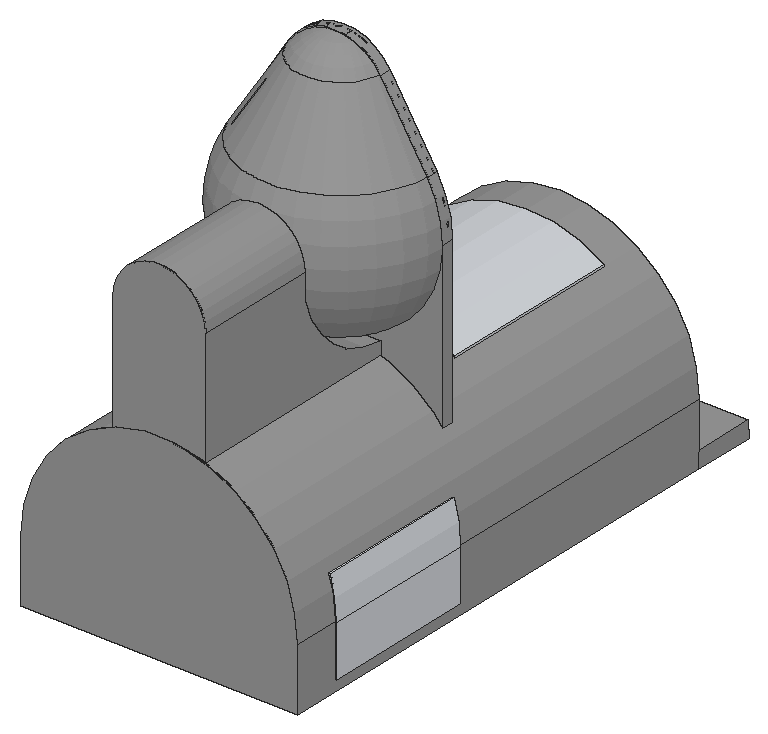
Revit family "Combination-Willoughby-ECW-1806-FA-C-ON", category Plumbing Fixtures, Revit 2015
Parameters (values of type "Standard")
  Waste DIA = 2 3/8"
  Waste Connection = yes
  W-RAD [instance] = Waste DIA / 2  # 0' - 1 3/16"
  Vent Connection = no
  URL = "https://www.willoughby-ind.com/wp-content/uploads/2018/04/1806-FA.pdf"
  Revision = "A"
  Model = "ECW-1806-FA-C-ON"
  Manufacturer = "Willoughby Industries"
  Lav Waste DIA = 1 1/2"
  Lav Waste Connection = yes
  L-RAD [instance] = Lav Waste DIA / 2  # 0' - 0 3/4"
  HW Connection = no
  Flush inlet DIA = 1 1/2"
  Flush Inlet Connection = yes
  Fixture Body = Stainless Steel AISI 304-Willoughby
  F-RAD [instance] = Flush inlet DIA / 2  # 0' - 0 3/4"
  Description = "1806 Front Access Combination Unit, Wall toilet waste outlet, Center toilet, On Floor mounted"
  Default Elevation = 0' - 0"
  Contact Number = "(800) 428-4065"
  CW Connection = no
Reference planes (in)
  plane 1 "Center (Front/Back)": y = -16.25
  plane 2: z = 0
  plane 3 "Center (Left/Right)": x = 0
  plane 4 "Base": y = -16.25
  plane 5 "Rim hight": y = -1.5
  plane 6 "Seat height": y = -1.25
  plane 7: y = 20.25
  plane 8 "Waste offset": x = 0
  plane 9 "Waste Hieght": y = -4.75
  plane 10 "Lwaste ht": y = 8
  plane 11 "flush inlet HT": y = 4.25
  plane 12 "Left Sweep": through (12.20051, 0, 16.45051) normal (0.7071, 0, -0.7071)
  plane 13 "Right Sweep": through (-12.20051, 0, 16.45051) normal (0.7071, 0, 0.7071)
  plane 14: through (-55.90549, 0, 60.15549) normal (-0.7071, 0, -0.7071)
  plane 15: x = 6.375
  plane 16: x = 9
  plane 17: z = 4.25
Forms (in)
  Extrusion 1, solid, material "Stainless Steel AISI 304-Willoughby" <- "Fixture Body"
    sketch origin (0, 10.5, -0.375) x (1, 0, 0) y (0, 0, 1)
      loop
        line (6.0079, 24.25317) -> (2.96593, 29.1083)
        arc (2.96593, 29.1083) -> (0, 30.75) -> (-2.96593, 29.1083) r 3.5
        line (-2.96593, 29.1083) -> (-6.0079, 24.25317)
        arc (-6.0079, 24.25317) -> (-6.74742, 22.52422) -> (-7, 20.6608) r 7
        line (-7, 20.6608) -> (-7, 10.11119)
        arc (-7, 10.11119) -> (0.01742, 13.41876) -> (7, 10.03826) r 8.99862
        line (7, 10.03826) -> (7, 20.6608)
        arc (7, 20.6608) -> (6.74742, 22.52422) -> (6.0079, 24.25317) r 7
      loop
        line (4.24214, 22.50332) -> (1.839, 28.03617)
        arc (1.839, 28.03617) -> (0, 29.25) -> (-1.839, 28.03617) r 2
        line (-1.839, 28.03617) -> (-4.24214, 22.50332)
        arc (-4.24214, 22.50332) -> (0, 16.0358) -> (4.24214, 22.50332) r 4.625
    from 11.75 to 12.5
  Revolve 2, solid, material "Stainless Steel AISI 304-Willoughby" <- "Fixture Body"
    sketch origin (0, -1.5, -0.375) x (1, 0, 0) y (0, 0, 1)
      loop
        arc (0, 13.6608) -> (6.08879, 17.20729) -> (6.0079, 24.25317) r 7
        line (6.0079, 24.25317) -> (2.96593, 29.1083)
        arc (2.96593, 29.1083) -> (1.69499, 30.31219) -> (0, 30.75) r 3.5
        line (0, 30.75) -> (0, 30.5)
        arc (0, 30.5) -> (1.57353, 30.09368) -> (2.75361, 28.97631) r 3.25
        line (2.75361, 28.97631) -> (5.71903, 24.24621)
        arc (5.71903, 24.24621) -> (5.9061, 17.39269) -> (0, 13.9108) r 6.75
        line (0, 13.9108) -> (0, 13.6608)
      axis (0, 13.6608) -> (0, 30.75)
    angle from 0 to -180
  Extrusion 3, solid, material "Stainless Steel AISI 304-Willoughby" <- "Fixture Body"
    sketch origin (0, -16.25, 0) x (1, 0, 0) y (0, 0, 1)
      loop
        line (9, 0) -> (9, 1.0625) -> (-9, 1.0625) -> (-9, 0) -> (9, 0)
    from -36.5 to -32.5
  Extrusion 4, solid, material "Stainless Steel AISI 304-Willoughby" <- "Fixture Body"
    sketch origin (0, 0, 0) x (1, 0, 0) y (0, 1, 0)
      loop
        circle (0, 8) r 0.75
    from 0 to 1
  Extrusion 5, solid, material "Stainless Steel AISI 304-Willoughby" <- "Fixture Body", detail levels fine
    sketch origin (0, 0, 0) x (1, 0, 0) y (0, 1, 0)
      loop
        circle (6.375, 4.25) r 0.75
    from 0 to 1
  Extrusion 6, solid, material "Stainless Steel AISI 304-Willoughby" <- "Fixture Body"
    sketch origin (-77.55739, -16.25, -24.30859) x (1, 0, 0) y (0, 0, 1)
      loop
        line (86.55739, 24.30859) -> (86.55739, 28.33218)
        arc (86.55739, 28.33218) -> (77.55739, 37.33218) -> (68.55739, 28.33218) r 9
        line (68.55739, 28.33218) -> (68.55739, 24.30859) -> (86.55739, 24.30859)
    from -32.5 to 0
  Revolve 7, void
    sketch origin (-0.04219, 16.25, -0.04963) x (1, 0, 0) y (0, 0, 1)
      loop
        spline (6.44903, 7.42683) -> (6.2318, 8.59152) -> (5.59494, 9.67683) -> (4.58183, 10.60881) -> (3.26153, 11.32395) -> (1.724, 11.7735) -> (0.07403, 11.92683) -> (-1.57595, 11.7735) -> (-3.11347, 11.32395) -> (-4.43378, 10.60881) -> (-5.44689, 9.67683) -> (-6.08375, 8.59152) -> (-6.30097, 7.42683)
        line (-6.30097, 7.42683) -> (6.44903, 7.42683)
      axis (6.44903, 7.42683) -> (-6.30097, 7.42683)
    angle from 0 to -180
  Extrusion 8, solid, material "Stainless Steel AISI 304-Willoughby" <- "Fixture Body"
    sketch origin (-22.09287, -16.25, -29.80277) x (1, 0, 0) y (0, 0, 1)
      loop
        arc (25.09287, 49.81164) -> (22.09287, 52.81164) -> (19.09287, 49.81164) r 3
        line (19.09287, 49.81164) -> (19.09287, 42.31164) -> (25.09287, 42.31164) -> (25.09287, 49.81164)
    from 0 to -8.02482
  Extrusion 9, solid, material "Stainless Steel AISI 304-Willoughby" <- "Fixture Body"
    sketch origin (0, 0, -0.375) x (0, 1, 0) y (0, 0, 1)
      loop
        line (-8.22518, 12.88387) -> (-2, 12.88387) -> (-2, 13.71556)
        arc (-2, 13.71556) -> (-5.92416, 15.25184) -> (-8.22518, 18.78235) r 6.90673
        line (-8.22518, 18.78235) -> (-8.22518, 12.88387)
    from -3 to 3
  Extrusion 10, solid, material "Stainless Steel AISI 304-Willoughby" <- "Fixture Body"
    sketch origin (1.75, 0, 0) x (1, 0, 0) y (0, 1, 0)
      loop
        circle (0.5, 8) r 0.25
      loop
        circle (-4, 8) r 0.25
    from -0.125 to 0
  Extrusion 11, solid
    sketch origin (0, -16.25, 0) x (0, 0, -1) y (-1, 0, 0)
      loop
        arc (-11.50691, -5) -> (-13.04378, 0) -> (-11.50691, 5) r 8.90185
        line (-11.50691, 5) -> (-11.63191, 5)
        arc (-11.63191, 5) -> (-13.16867, 0) -> (-11.63191, -5) r 8.90234
        line (-11.63191, -5) -> (-11.50691, -5)
    from 17.75 to 29.75
  Extrusion 12, solid
    sketch origin (0, -16.25, 0) x (0, 0, -1) y (-1, 0, 0)
      loop
        arc (-6.75, -8.70818) -> (-5.40264, -9.02019) -> (-4.02359, -9.125) r 9.125
        line (-4.02359, -9.125) -> (-0.75, -9.125) -> (-0.75, -9) -> (-4.02359, -9)
        arc (-4.02359, -9) -> (-5.4031, -8.89365) -> (-6.75, -8.5771) r 9
        line (-6.75, -8.5771) -> (-6.75, -8.70818)
    from 3 to 13
  Extrusion 13, solid
    sketch origin (0, -16.25, 0) x (0, 0, -1) y (-1, 0, 0)
      loop
        line (-6.75, 8.70818) -> (-6.75, 8.5771)
        arc (-6.75, 8.5771) -> (-5.4031, 8.89365) -> (-4.02359, 9) r 9
        line (-4.02359, 9) -> (-0.75, 9) -> (-0.75, 9.125) -> (-4.02359, 9.125)
        arc (-4.02359, 9.125) -> (-5.40264, 9.02019) -> (-6.75, 8.70818) r 9.125
    from 3 to 13
  Extrusion 14, solid
    sketch origin (0, 0, 0) x (1, 0, 0) y (0, 1, 0)
      loop
        circle (0, -4.75) r 1.1875
    from 0 to 1
Cuts and joins
  Revolve 7 cuts Extrusion 6
  joined: Extrusion 8, Extrusion 9
Lines and regions (in)
  model lines, detail levels coarse+medium
    curve 1: line (-9, -16.25, 4.02359) -> (-9, -16.25, 0)
    curve 2: line (-9, -16.25, 0) -> (9, -16.25, 0)
    curve 3: line (9, -16.25, 0) -> (9, -16.25, 4.02359)
  symbolic lines
    curve 4: line (-9, -16.25, 0) -> (9, -16.25, 0)
    curve 5: line (9, -16.25, 0) -> (9, -16.25, 1.0625)
    curve 6: line (9, -16.25, 1.0625) -> (9, -16.25, 4.02359)
    curve 7: arc (9, -16.25, 4.02359) -> (0, -16.25, 13.02359) -> (-9, -16.25, 4.02359) r 9
    curve 8: line (-9, -16.25, 4.02359) -> (-9, -16.25, 1.0625)
    curve 9: line (-9, -16.25, 1.0625) -> (-9, -16.25, 0)
    curve 14: line (-7, -16.25, 9.68045) -> (-7, -16.25, 20.2858)
    curve 15: line (7, -16.25, 9.68045) -> (7, -16.25, 20.2858)
    curve 16: arc (7, -16.25, 20.2858) -> (6.74742, -16.25, 22.14922) -> (6.0079, -16.25, 23.87817) r 7
    curve 17: line (6.0079, -16.25, 23.87817) -> (2.96593, -16.25, 28.7333)
    curve 18: arc (2.96593, -16.25, 28.7333) -> (1.69499, -16.25, 29.93719) -> (0, -16.25, 30.375) r 3.5
    curve 19: arc (0, -16.25, 30.375) -> (-1.69499, -16.25, 29.93719) -> (-2.96593, -16.25, 28.7333) r 3.5
    curve 20: line (-2.96593, -16.25, 28.7333) -> (-5.93085, -16.25, 24.004)
    curve 21: arc (-5.93085, -16.25, 24.004) -> (-6.7274, -16.25, 22.22023) -> (-7, -16.25, 20.2858) r 7
    curve 26: line (0, -16.25, 0) -> (0, 20.25, 0)
    curve 27: line (0, 20.25, 0) -> (0, 20.25, 1.0625)
    curve 28: line (0, 20.25, 1.0625) -> (0, 16.25, 1.0625)
    curve 29: line (0, 16.25, 1.0625) -> (0, 16.25, 13.02359)
    curve 30: line (0, 16.25, 13.02359) -> (0, -16.25, 13.02359)
    curve 31: line (0, -16.25, 13.02359) -> (0, -16.25, 0)
    curve 32: line (0, -2, 13.32164) -> (0, -2, 9.73619)
    curve 33: line (0, -2, 9.73619) -> (0, -1.25, 9.73619)
    curve 34: line (0, -1.25, 9.73619) -> (0, -1.25, 30.375)
    curve 35: line (0, -1.25, 30.375) -> (0, -2, 30.375)
    curve 36: arc (0, -2, 30.375) -> (0, -3.227, 29.90101) -> (0, -4.22155, 29.04016) r 3.83367
    curve 37: line (0, -4.22155, 29.04016) -> (0, -7.5079, 23.87817)
    curve 38: arc (0, -7.5079, 23.87817) -> (0, -8.00701, 22.85106) -> (0, -8.33921, 21.75848) r 7.27316
    curve 39: line (0, -8.33921, 21.75848) -> (0, -16.25, 21.75848)
    curve 40: line (0, -16.25, 21.75848) -> (0, -16.25, 13.02359)
    curve 41: arc (0, -2, 13.32164) -> (0, -6.49123, 15.35022) -> (0, -8.36184, 19.90951) r 6.66639
    curve 42: arc (0, -8.36184, 19.90951) -> (0, -8.39897, 20.83826) -> (0, -8.36184, 21.76701) r 11.63258
    curve 43: line (-9, -16.25, 0) -> (-9, 20.25, 0)
    curve 44: line (-9, 20.25, 0) -> (9, 20.25, 0)
    curve 45: line (9, 20.25, 0) -> (9, -16.25, 0)
    curve 46: line (9, -16.25, 0) -> (-9, -16.25, 0)
    curve 47: line (-9, 16.25, 0) -> (9, 16.25, 0)
    curve 48: line (-7, -2, 0) -> (-7, -1.25, 0)
    curve 49: line (-7, -1.25, 0) -> (7, -1.25, 0)
    curve 50: line (7, -1.25, 0) -> (7, -2, 0)
    curve 51: arc (7, -2, 0) -> (4.76927, -6.62493, 0) -> (0, -8.52761, 0) r 7.08346
    curve 52: arc (0, -8.52761, 0) -> (-4.76851, -6.62412, 0) -> (-7, -2, 0) r 7.08658
    curve 53: line (1.5, -8.35359, 0) -> (1.5, -16.25, 0)
    curve 54: line (-1.5, -16.25, 0) -> (-1.5, -8.35304, 0)
  symbolic lines, detail levels medium+fine
    curve 10: line (-9, -16.25, 1.0625) -> (9, -16.25, 1.0625)
  symbolic lines, detail levels fine
    curve 11: spline (6.40684, -16.25, 7.3772) -> (6.18962, -16.25, 6.21252) -> (5.55275, -16.25, 5.1272) -> (4.53965, -16.25, 4.19522) -> (3.21934, -16.25, 3.48009) -> (1.68181, -16.25, 3.03054) -> (0.03184, -16.25, 2.8772) -> (-1.61813, -16.25, 3.03054) -> (-3.15566, -16.25, 3.48009) -> (-4.47597, -16.25, 4.19522) -> (-5.48907, -16.25, 5.1272) -> (-6.12594, -16.25, 6.21252) -> (-6.34316, -16.25, 7.3772)
    curve 12: spline (-6.34316, -16.25, 7.3772) -> (-6.12594, -16.25, 8.54189) -> (-5.48907, -16.25, 9.6272) -> (-4.47597, -16.25, 10.55918) -> (-3.15566, -16.25, 11.27432) -> (-1.61813, -16.25, 11.72387) -> (0.03184, -16.25, 11.8772) -> (1.68181, -16.25, 11.72387) -> (3.21934, -16.25, 11.27432) -> (4.53965, -16.25, 10.55918) -> (5.55275, -16.25, 9.6272) -> (6.18962, -16.25, 8.54189) -> (6.40684, -16.25, 7.3772)
    curve 13: arc (4.24215, -16.25, 22.1283) -> (-0.00001, -16.25, 15.6608) -> (-4.24214, -16.25, 22.12832) r 4.625
    curve 22: arc (1.83444, -16.25, 27.67176) -> (1.09692, -16.25, 28.54735) -> (0, -16.25, 28.875) r 2
    curve 23: arc (0, -16.25, 28.875) -> (-1.10174, -16.25, 28.54418) -> (-1.839, -16.25, 27.66117) r 2
    curve 24: line (-1.839, -16.25, 27.66117) -> (-4.24214, -16.25, 22.12832)
    curve 25: line (4.24215, -16.25, 22.1283) -> (1.83444, -16.25, 27.67176)
Dimensions and locks (in)
  locked: Extrusion 1 to Extrusion 1 at 0.75
  locked: plane 6 "Seat height" to plane 5 "Rim hight" at 0.25
  plane 6 "Seat height" to plane 4 "Base" = 1' - 3"  (x2)
  plane 10 "Lwaste ht" to plane 4 "Base" = 2' - 0 1/4"
  plane 11 "flush inlet HT" to plane 4 "Base" = 1' - 8 1/2"
  plane 15 to plane 16 = 0' - 2 5/8"
  locked: cut or joined group of Extrusion 6, Revolve 7 to cut or joined group of Extrusion 6, Revolve 7 at 18
  plane 9 "Waste Hieght" to plane 1 "Center (Front/Back)" = 0' - 11 1/2"
  plane 11 "flush inlet HT" to plane 1 "Center (Front/Back)" = 1' - 8 1/2"
  plane 10 "Lwaste ht" to plane 1 "Center (Front/Back)" = 2' - 0 1/4"
  plane 3 "Center (Left/Right)" to plane 16 = 0' - 9"
  cut or joined group of Extrusion 6, Revolve 7 to plane 4 "Base" = 2' - 8 1/2"
  plane 4 "Base" to plane 7 = 3' - 0 1/2"
  Extrusion 3 to Extrusion 3 = 1' - 6"
  "L-RAD": radius of Extrusion 4 sketch curve
  "F-RAD": radius of Extrusion 5 sketch curve
  radius of cut or joined group of Extrusion 6, Revolve 7 = 0' - 9"
  aligned and locked: Revolve 2 to plane 5 "Rim hight"
  aligned and locked: Extrusion 1 to plane 6 "Seat height"
  aligned and locked: Extrusion 3 to plane 7
  aligned and locked: plane 10 "Lwaste ht" to Extrusion 4 sketch curve
  aligned and locked: Extrusion 4 sketch curve to plane 8 "Waste offset"
  aligned and locked: plane 11 "flush inlet HT" to Extrusion 5 sketch curve
  aligned and locked: Revolve 7 sketch curve to Revolve 7 sketch curve
  aligned and locked: plane 15 to Extrusion 5 sketch curve
  aligned and locked: curve 1 to cut or joined group of Extrusion 6, Revolve 7
  aligned and locked: curve 3 to cut or joined group of Extrusion 6, Revolve 7
  aligned and locked: Extrusion 3 to cut or joined group of Extrusion 6, Revolve 7
  aligned and locked: Extrusion 3 to level
  aligned and locked: Extrusion 6 to level
  aligned and locked: Extrusion 6 to Extrusion 3
  aligned and locked: Extrusion 6 to plane 16
  aligned and locked: Extrusion 4 to Extrusion 5
  aligned and locked: cut or joined group of Extrusion 6, Revolve 7 to Extrusion 3
  aligned and locked: Extrusion 6 to cut or joined group of Extrusion 8, Extrusion 9
Automatic sketch dimensions
  plane 1 "Center (Front/Back)" to curve 43 = 0' - 0"
  plane 7 to curve 43 = 0' - 0"
  plane 6 "Seat height" to curve 49 = 0' - 0"
  curve 51 to plane 3 "Center (Left/Right)" = 0' - 0"
  curve 45 to plane 16 = 0' - 0"
  curve 51 to plane 3 "Center (Left/Right)" = 0' - 0.06164"
  plane 5 "Rim hight" to curve 48 = 0' - 0 1/2"
  curve 48 to curve 51 = 0' - 6.93836"
  curve 46 to plane 3 "Center (Left/Right)" = 0' - 9"
  plane 3 "Center (Left/Right)" to curve 52 = 0' - 0.06452"
  plane 15 to curve 49 = 0' - 0 5/8"
  plane 5 "Rim hight" to curve 50 = 0' - 0 1/2"
  curve 51 to plane 5 "Rim hight" = 0' - 0.05558"
  curve 54 to plane 3 "Center (Left/Right)" = 0' - 1 1/2"
  plane 3 "Center (Left/Right)" to curve 53 = 0' - 1 1/2"
  curve 47 to curve 44 = 0' - 4"
  curve 26 to level = 0' - 0"
  curve 26 to plane 1 "Center (Front/Back)" = 0' - 0"
  curve 35 to plane 6 "Seat height" = 0' - 0"
  curve 27 to plane 7 = 0' - 0"
  curve 39 to plane 9 "Waste Hieght" = 0' - 3.58921"
  curve 39 to curve 37 = 0' - 0.83131"
  plane 9 "Waste Hieght" to curve 37 = 0' - 0.52845"
  plane 5 "Rim hight" to curve 35 = 0' - 0 1/2"
  plane 5 "Rim hight" to curve 32 = 0' - 0 1/2"
  plane 5 "Rim hight" to curve 41 = 0' - 0.19582"
  plane 6 "Seat height" to curve 36 = 0' - 0.00251"
  curve 38 to plane 6 "Seat height" = 0' - 0.01404"
  curve 42 to plane 11 "flush inlet HT" = 0' - 1.0164"
  plane 7 to curve 30 = 0' - 4"
  level to curve 28 = 0' - 1 1/16"
  curve 33 to plane 17 = 0' - 5.48619"
  curve 31 to plane 17 = 0' - 8.77359"
  curve 32 to curve 32 = 0' - 3.58545"
  curve 41 to curve 41 = 0' - 6.65945"
  curve 41 to curve 38 = 0' - 0.21447"
  curve 38 to curve 42 = 0' - 0.6427"
  curve 30 to curve 40 = 0' - 8.73489"
  curve 38 to curve 36 = 0' - 6.41935"
  curve 36 to curve 37 = 0' - 2.42525"
  curve 42 to curve 38 = 0' - 0.02263"
  curve 42 to curve 39 = 0' - 0.02263"
  curve 1 to level = 0' - 0"
  plane 17 to curve 3 = 0' - 0.22641"
  plane 17 to curve 1 = 0' - 0.22641"
  Extrusion 1 sketch curve to Extrusion 1 sketch curve = 0' - 0"  (x8)
  Extrusion 1 sketch curve to plane 3 "Center (Left/Right)" = 0' - 0"  (x2)
  Extrusion 1 sketch curve to plane 3 "Center (Left/Right)" = 0' - 0.02945"
  Extrusion 1 sketch curve to plane 3 "Center (Left/Right)" = 0' - 1.839"
  Extrusion 1 sketch curve to Extrusion 1 sketch curve = 0' - 1.12693"  (x2)
  Extrusion 1 sketch curve to plane 3 "Center (Left/Right)" = 0' - 4.24214"
  Extrusion 1 sketch curve to Extrusion 1 sketch curve = 0' - 1.76576"
  Extrusion 1 sketch curve to Extrusion 1 sketch curve = 0' - 2.75786"
  plane 3 "Center (Left/Right)" to Extrusion 1 sketch curve = 0' - 1.839"
  Extrusion 1 sketch curve to plane 15 = 0' - 2.13286"
  Extrusion 1 sketch curve to plane 15 = 0' - 0.3671"
  plane 15 to Extrusion 1 sketch curve = 0' - 0 5/8"
  plane 17 to Extrusion 1 sketch curve = 0' - 0.20474"
  Extrusion 1 sketch curve to plane 17 = 0' - 5.41326"
  Extrusion 1 sketch curve to Extrusion 1 sketch curve = 0' - 10.62253"
  Extrusion 1 sketch curve to Extrusion 1 sketch curve = 0' - 1.74985"
  Extrusion 1 sketch curve to Extrusion 1 sketch curve = 0' - 4.74668"
  Extrusion 1 sketch curve to Extrusion 1 sketch curve = 0' - 0.78617"
  Extrusion 1 sketch curve to Extrusion 1 sketch curve = 0' - 1.07212"
  Revolve 2 sketch curve to Revolve 2 sketch curve = 0' - 0"  (x3)
  Revolve 2 sketch curve to plane 3 "Center (Left/Right)" = 0' - 0"  (x4)
  plane 3 "Center (Left/Right)" to Revolve 2 sketch curve = 0' - 2.75361"
  Revolve 2 sketch curve to Revolve 2 sketch curve = 0' - 0.21232"
  Revolve 2 sketch curve to plane 15 = 0' - 0.65597"
  Revolve 2 sketch curve to Revolve 2 sketch curve = 0' - 0.28887"
  Revolve 2 sketch curve to plane 17 = 0' - 9.0358"
  Revolve 2 sketch curve to Revolve 2 sketch curve = 0' - 0 1/4"
  Revolve 2 sketch curve to Revolve 2 sketch curve = 0' - 6 3/4"
  Revolve 2 sketch curve to Revolve 2 sketch curve = 0' - 3.00379"
  Revolve 2 sketch curve to Revolve 2 sketch curve = 0' - 1.72631"
  Revolve 2 sketch curve to Revolve 2 sketch curve = 0' - 0.13199"
  Revolve 2 sketch curve to Revolve 2 sketch curve = 0' - 2.4108"
  Revolve 2 sketch curve to Revolve 2 sketch curve = 0' - 3 1/4"
  Extrusion 3 sketch curve to level = 0' - 0"
  plane 16 to Extrusion 3 sketch curve = 0' - 0"
  level to Extrusion 3 sketch curve = 0' - 1 1/16"
  Extrusion 3 sketch curve to plane 3 "Center (Left/Right)" = 0' - 9"
  Extrusion 6 sketch curve to level = 0' - 0"
  Extrusion 6 sketch curve to plane 3 "Center (Left/Right)" = 0' - 0"
  plane 16 to Extrusion 6 sketch curve = 0' - 0"
  plane 17 to Extrusion 6 sketch curve = 0' - 0.22641"
  Revolve 7 sketch curve to plane 17 = 0' - 3.1272"
  Revolve 7 sketch curve to plane 3 "Center (Left/Right)" = 0' - 6.34316"
  plane 15 to Revolve 7 sketch curve = 0' - 0.03184"
  Revolve 7 sketch curve to Revolve 7 sketch curve = 0' - 5 1/8"
  Revolve 7 sketch curve to Revolve 7 sketch curve = 0' - 0 7/8"
  Extrusion 9 sketch curve to plane 9 "Waste Hieght" = 0' - 3.47518"
  plane 5 "Rim hight" to Extrusion 9 sketch curve = 0' - 0 1/2"
  plane 5 "Rim hight" to Extrusion 9 sketch curve = 0' - 0.06425"
  Extrusion 9 sketch curve to plane 17 = 0' - 8.25887"
  Extrusion 9 sketch curve to Extrusion 9 sketch curve = 0' - 0.83168"
  Extrusion 9 sketch curve to Extrusion 9 sketch curve = 0' - 5.89847"
  curve 13 to curve 16 = 0' - 0"  (x2)
  curve 13 to curve 21 = 0' - 0"  (x2)
  curve 16 to curve 21 = 0' - 0"  (x2)
  curve 18 to curve 19 = 0' - 0"  (x2)
  curve 18 to curve 22 = 0' - 0"  (x2)
  curve 18 to curve 23 = 0' - 0"  (x2)
  curve 19 to curve 22 = 0' - 0"  (x2)
  curve 19 to curve 23 = 0' - 0"  (x2)
  curve 22 to curve 23 = 0' - 0"  (x2)
  curve 18 to plane 3 "Center (Left/Right)" = 0' - 0"
  curve 13 to plane 3 "Center (Left/Right)" = 0' - 0"
  curve 7 to plane 3 "Center (Left/Right)" = 0' - 0"
  plane 16 to curve 6 = 0' - 0"
  curve 5 to level = 0' - 0"
  level to curve 6 = 0' - 1 1/16"
  plane 17 to curve 8 = 0' - 0.22641"
  curve 16 to plane 17 = 1' - 4.0358"
  curve 25 to plane 15 = 0' - 2.13285"
  curve 25 to curve 15 = 0' - 1.8425"
  curve 24 to plane 3 "Center (Left/Right)" = 0' - 4.24214"
  curve 17 to plane 15 = 0' - 0.3671"
  curve 17 to curve 13 = 0' - 1.74987"
  curve 20 to plane 3 "Center (Left/Right)" = 0' - 5.93085"
  curve 20 to curve 13 = 0' - 1.87568"
  curve 18 to curve 13 = 0' - 4.74668"
  curve 24 to plane 3 "Center (Left/Right)" = 0' - 1.839"
  curve 24 to curve 18 = 0' - 0.78617"
  plane 3 "Center (Left/Right)" to curve 25 = 0' - 1.83444"
  curve 20 to plane 3 "Center (Left/Right)" = 0' - 2.96593"
  curve 20 to curve 24 = 0' - 1.07212"
  plane 3 "Center (Left/Right)" to curve 17 = 0' - 2.96593"
  plane 15 to curve 12 = 0' - 0.03184"
  curve 15 to curve 12 = 0' - 2.30324"
  plane 3 "Center (Left/Right)" to curve 12 = 0' - 0.03184"
  Extrusion 10 sketch curve to plane 10 "Lwaste ht" = 0' - 0"  (x2)
  Extrusion 10 sketch curve to plane 3 "Center (Left/Right)" = 0' - 2 1/4"
  plane 3 "Center (Left/Right)" to Extrusion 10 sketch curve = 0' - 2 1/4"
  Extrusion 11 sketch curve to plane 3 "Center (Left/Right)" = 0' - 0"  (x2)
  Extrusion 11 sketch curve to plane 17 = 0' - 7.38191"
  Extrusion 11 sketch curve to plane 15 = 0' - 1 3/8"
  Extrusion 11 sketch curve to Extrusion 11 sketch curve = 0' - 0"
  Extrusion 11 sketch curve to Extrusion 11 sketch curve = 0' - 0 1/8"
  Extrusion 11 sketch curve to plane 17 = 0' - 0.01633"
  plane 17 to Extrusion 11 sketch curve = 0' - 0.10808"
  Extrusion 12 sketch curve to Extrusion 12 sketch curve = 0' - 0"  (x2)
  plane 16 to Extrusion 12 sketch curve = 0' - 0"
  Extrusion 12 sketch curve to plane 3 "Center (Left/Right)" = 0' - 0"
  plane 16 to Extrusion 12 sketch curve = 0' - 0.29182"
  Extrusion 12 sketch curve to plane 17 = 0' - 2 1/2"
  plane 17 to Extrusion 12 sketch curve = 0' - 0.22641"
  level to Extrusion 12 sketch curve = 0' - 0 3/4"
  Extrusion 13 sketch curve to Extrusion 13 sketch curve = 0' - 0"  (x2)
  Extrusion 13 sketch curve to plane 3 "Center (Left/Right)" = 0' - 0"
  plane 17 to Extrusion 13 sketch curve = 0' - 2 1/2"
  Extrusion 13 sketch curve to plane 17 = 0' - 0.22641"
  Extrusion 13 sketch curve to level = 0' - 0 3/4"
  plane 3 "Center (Left/Right)" to Extrusion 13 sketch curve = 0' - 8.5771"
  Extrusion 13 sketch curve to Extrusion 13 sketch curve = 0' - 0.13107"
  Extrusion 8 sketch curve to plane 3 "Center (Left/Right)" = 0' - 0"
  plane 3 "Center (Left/Right)" to Extrusion 8 sketch curve = 0' - 3"
  Extrusion 8 sketch curve to plane 17 = 0' - 8.25887"
  Extrusion 8 sketch curve to Extrusion 8 sketch curve = 0' - 7 1/2"
  Extrusion 14 sketch curve to plane 3 "Center (Left/Right)" = 0' - 0"
  Extrusion 14 sketch curve to plane 9 "Waste Hieght" = 0' - 0"
  radius of Extrusion 10 sketch curve = 0' - 0 1/4"  (x2)
  radius of Extrusion 14 sketch curve = 0' - 1 3/16"
Connectors (in)
  piping at (0, 8, 1), diameter 1.5, driven by "L-RAD", driven by "Lav Waste Connection"
    settings: on Extrusion 4, index 2, connector inside diameter 1 1/2", connector length 0' - 0", flow factor 0, pipe flow 0 GPM, pressure drop 0.00 psi, fitting loss kfactor 0, connector angle 0.00°, fixture units 0, engagement length 0' - 0", angle of deflection 0.00°, flow configuration 3, flow direction 2, fitting loss method 0, system type 16, joint type 0, gender type 0, connector reference index -1, connector utility 1, adjustable connector yes, is connector primary yes, connector description "Lav Drain"
  piping at (6.375, 4.25, 1), diameter 1.5, driven by "F-RAD", driven by "Flush Inlet Connection"
    settings: on Extrusion 5, index 3, connector inside diameter 1 1/2", connector length 0' - 0", flow factor 0, pipe flow 0 GPM, pressure drop 0.00 psi, fitting loss kfactor 0, connector angle 0.00°, fixture units 0, engagement length 0' - 0", angle of deflection 0.00°, flow configuration 3, flow direction 1, fitting loss method 0, system type 20, joint type 0, gender type 0, connector reference index -1, connector utility 1, adjustable connector yes, is connector primary no, connector description "Flush Inlet"
  piping at (0, -4.75, 1), diameter 2.375, driven by "W-RAD"
    settings: on Extrusion 14, index 4, connector inside diameter 24", connector length 0' - 0", flow factor 0, pipe flow 0 GPM, pressure drop 0.00 psi, fitting loss kfactor 0, connector angle 0.00°, fixture units 0, engagement length 0' - 0", angle of deflection 0.00°, flow configuration 0, flow direction 0, fitting loss method 0, system type 7, joint type 0, gender type 0, connector reference index -1, connector utility 0, adjustable connector no, is connector primary no, connector description ""
  piping at (-2.25, 8, 0), diameter 0.5
    settings: on Extrusion 10, index 5, connector inside diameter 24", connector length 0' - 0", flow factor 0, pipe flow 0 GPM, pressure drop 0.00 psi, fitting loss kfactor 0, connector angle 0.00°, fixture units 0, engagement length 0' - 0", angle of deflection 0.00°, flow configuration 0, flow direction 0, fitting loss method 0, system type 19, joint type 0, gender type 0, connector reference index -1, connector utility 0, adjustable connector no, is connector primary no, connector description ""
  piping at (2.25, 8, 0), diameter 0.5
    settings: on Extrusion 10, index 6, connector inside diameter 24", connector length 0' - 0", flow factor 0, pipe flow 0 GPM, pressure drop 0.00 psi, fitting loss kfactor 0, connector angle 0.00°, fixture units 0, engagement length 0' - 0", angle of deflection 0.00°, flow configuration 0, flow direction 0, fitting loss method 0, system type 20, joint type 0, gender type 0, connector reference index -1, connector utility 0, adjustable connector no, is connector primary no, connector description ""
